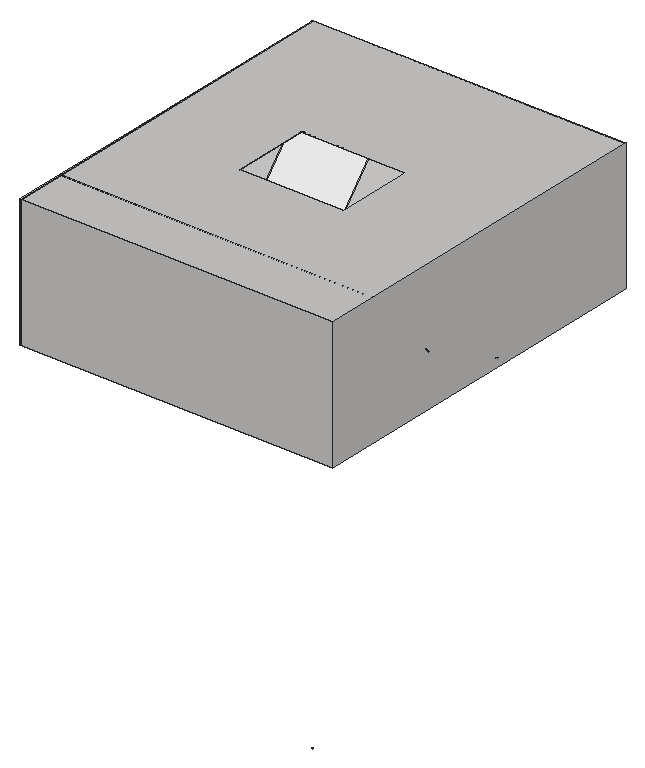
Revit family "QF_ELECTROLUXPROFESSIONAL_642030_EC1412T", category Specialty Equipment, Revit 2014
Reference planes
  plane 1: z = 0
  plane 2 "Center (Left/Right)": x = 150
  plane 3 "LEFT": x = -450
  plane 4 "RIGHT": x = 750
  plane 5 "BACK": y = 550
  plane 6 "TOP": z = 2500
  plane 7 "Base": z = 2000
  plane 8: z = 1946
  plane 9: x = -447
  plane 10 "DrainX": x = 599
  plane 11 "AOLeft2": x = 350
  plane 12: x = 747
  plane 13: x = -250
  plane 14: x = 550
  plane 15: x = 50
  plane 16: x = 250
  plane 17 "AOLeft1": x = -50
  plane 18: y = 0
  plane 19: y = -300
  plane 20: y = -150
  plane 21: y = -850
  plane 22: through (0, 260.354, 2382.279) normal (0, 0.766, -0.6428)
  plane 23: through (0, -560.351, 2382.279) normal (0, -0.766, -0.6428)
  plane 24: through (0, 272.154, 2402.468) normal (0, -0.753, 0.6581)
  plane 25: through (0, -572.152, 2402.468) normal (0, -0.753, -0.6581)
Forms (mm)
  Extrusion 1, solid, material "QF_Finishes_Stainless Steel"
    sketch origin (-450, 0, 360) x (0, 1, 0) y (0, 0, 1)
      loop
        line (550, 1640) -> (550, 2140) -> (-850, 2140) -> (-850, 1640) -> (550, 1640)
    from 0 to 3
  Extrusion 2, solid, material "QF_Finishes_Stainless Steel"
    sketch origin (750, 0, 360) x (0, 1, 0) y (0, 0, 1)
      loop
        line (550, 1640) -> (550, 2140) -> (-850, 2140) -> (-850, 1640) -> (550, 1640)
    from 0 to -3
  Extrusion 3, solid, material "QF_Finishes_Stainless Steel"
    sketch origin (150, 0, 360) x (0, 1, 0) y (0, 0, 1)
      loop
        line (-850, 2140) -> (-850, 1640) -> (-840, 1640) -> (-840, 1640.8) -> (-849.2, 1640.8) -> (-849.2, 2139.19) -> (549.2, 2139.19) -> (549.2, 1640.8) -> (540, 1640.8) -> (540, 1640) -> (550, 1640) -> (550, 2140) -> (-850, 2140)
    from -600 to 600
  Extrusion 4, solid, material "QF_Finishes_Stainless Steel"
    sketch origin (0, -600, 2000) x (0, 1, 0) y (-1, 0, 0)
      loop
        circle (450, -599) r 6.35
    from -3.799 to 0
  Extrusion 5, void
    sketch origin (0, 400, 2500) x (0, 1, 0) y (-1, 0, 0)
      loop
        line (-400, -350) -> (-400, 50) -> (-700, 50) -> (-700, -350) -> (-400, -350)
    from 0 to -10
  Extrusion 6, solid, material "QF_Finishes_Stainless Steel"
    sketch origin (0, 0, 0) x (1, 0, 0) y (0, 1, 0)
      loop
        line (-450, 550) -> (-450, 549) -> (-449, 549) -> (-449, 550) -> (-450, 550)
    from 0 to 1
  Extrusion 7, solid, material "QF_Finishes_Stainless Steel"
    sketch origin (150, 0, 360) x (0, 1, 0) y (0, 0, 1)
      loop
        line (-79.471, 1685.734) -> (-56.882, 1665.992) -> (272.154, 2042.468) -> (249.566, 2062.21) -> (-79.471, 1685.734)
      loop
        line (-572.152, 2042.468) -> (-243.115, 1665.992) -> (-220.526, 1685.734) -> (-549.563, 2062.21) -> (-572.152, 2042.468)
    from -400 to -597
  Extrusion 8, solid, material "QF_Finishes_Stainless Steel"
    sketch origin (150, 0, 360) x (0, 1, 0) y (0, 0, 1)
      loop
        line (260.354, 2022.279) -> (358.454, 2139.19) -> (357.41, 2139.19) -> (266.169, 2030.453) -> (264.331, 2031.996) -> (257.903, 2024.336) -> (260.354, 2022.279)
      loop
        line (-39.202, 1672.761) -> (-56.017, 1663.363) -> (-81.407, 1685.429) -> (-81.974, 1684.862) -> (-54.914, 1661.345) -> (-90.242, 1641.601) -> (-209.758, 1641.601) -> (-245.086, 1661.345) -> (-218.026, 1684.862) -> (-218.593, 1685.429) -> (-243.983, 1663.363) -> (-260.798, 1672.761) -> (-262.311, 1670.055) -> (-209.966, 1640.801) -> (-90.034, 1640.801) -> (-37.689, 1670.055) -> (-39.202, 1672.761)
      loop
        line (-560.354, 2022.279) -> (-557.903, 2024.336) -> (-564.331, 2031.996) -> (-566.169, 2030.453) -> (-657.41, 2139.19) -> (-658.454, 2139.19) -> (-560.354, 2022.279)
    from -597 to 597
  Extrusion 9, solid, material "QF_Finishes_Stainless Steel"
    sketch origin (150, 0, 360) x (0, 1, 0) y (0, 0, 1)
      loop
        line (272.154, 2042.468) -> (249.566, 2062.21) -> (-79.471, 1685.734) -> (-56.882, 1665.992) -> (272.154, 2042.468)
      loop
        line (-572.154, 2042.468) -> (-243.118, 1665.992) -> (-220.529, 1685.734) -> (-549.566, 2062.21) -> (-572.154, 2042.468)
    from 597 to 400
  Extrusion 10, solid, material "QF_Finishes_Stainless Steel"
    sketch origin (150, 0, 360) x (0, 1, 0) y (0, 0, 1)
      loop
        line (272.154, 2042.468) -> (249.566, 2062.21) -> (-79.471, 1685.734) -> (-56.882, 1665.992) -> (272.154, 2042.468)
      loop
        line (-572.154, 2042.468) -> (-243.118, 1665.992) -> (-220.529, 1685.734) -> (-549.566, 2062.21) -> (-572.154, 2042.468)
    from -100 to 100
  Extrusion 11, solid, material "QF_Finished_Chrome"
    sketch origin (150, 0, 360) x (0, 1, 0) y (0, 0, 1)
      loop
        line (249.566, 2062.21) -> (-79.471, 1685.734) -> (-56.882, 1665.992) -> (272.154, 2042.468) -> (249.566, 2062.21)
      loop
        line (-549.566, 2062.21) -> (-572.154, 2042.468) -> (-243.118, 1665.992) -> (-220.529, 1685.734) -> (-549.566, 2062.21)
    from -400 to -100
  Extrusion 12, solid, material "QF_Finished_Chrome"
    sketch origin (150, 0, 360) x (0, 1, 0) y (0, 0, 1)
      loop
        line (272.154, 2042.468) -> (249.566, 2062.21) -> (-79.471, 1685.734) -> (-56.882, 1665.992) -> (272.154, 2042.468)
      loop
        line (-572.154, 2042.468) -> (-243.118, 1665.992) -> (-220.529, 1685.734) -> (-549.566, 2062.21) -> (-572.154, 2042.468)
    from 100 to 400
  Sweep 13, solid, material "QF_Finishes_Stainless Steel"
    path origin (0, 0, 0) x (1, 0, 0) y (0, 1, 0)
      loop
        line (750, 550) -> (-450, 550) -> (-450, -850) -> (750, -850) -> (750, 550)
    profile origin (750, -150, 0) x (1, 0, 0) y (0, 0, 1)
      loop
        line (-3, 2000) -> (-3, 2000.8) -> (-19, 2000.8) -> (-19, 2010) -> (-20, 2010) -> (-20, 2000) -> (-3, 2000)
  Extrusion 14, solid, material "QF_Finishes_Stainless Steel"
    sketch origin (599, 0, 0) x (0, 1, 0) y (0, 0, 1)
      loop
        arc (-105.855, 1994.063) -> (-104.106, 1996.894) -> (-100.969, 1998.001) r 5
        line (-100.969, 1998.001) -> (-94.999, 1998.001) -> (-94.999, 2000.8) -> (-204.999, 2000.8) -> (-204.999, 1998.001) -> (-199.028, 1998.001)
        arc (-199.028, 1998.001) -> (-195.891, 1996.894) -> (-194.142, 1994.063) r 5
        line (-194.142, 1994.063) -> (-187.139, 1955.845)
        arc (-187.139, 1955.845) -> (-182.768, 1948.768) -> (-174.924, 1946) r 12.5
        line (-174.924, 1946) -> (-125.073, 1946)
        arc (-125.073, 1946) -> (-117.229, 1948.768) -> (-112.859, 1955.845) r 12.5
        line (-112.859, 1955.845) -> (-105.855, 1994.063)
    from -90 to 90
Cuts and joins
  Extrusion 5 cuts Extrusion 3
  joined: Extrusion 2, Extrusion 3, Sweep 13
Lines and regions (mm)
  symbolic lines, style "SpecialityEquipment", detail levels coarse
    curve 1: line (750, 550, 2500) -> (-450, 550, 2500)
    curve 2: line (-450, 550, 2500) -> (-450, -850, 2500)
    curve 3: line (750, -850, 2500) -> (750, 550, 2500)
    curve 4: line (-450, 550, 0) -> (750, -850, 0)
    curve 5: line (750, 550, 0) -> (-450, -850, 0)
  symbolic lines, detail levels coarse
    curve 6: line (-450, -850, 0) -> (750, -850, 0)
    curve 7: line (350, 0, 0) -> (-50, 0, 0)
    curve 8: line (350, -300, 0) -> (350, 0, 0)
    curve 9: line (-50, -300, 0) -> (350, -300, 0)
    curve 10: line (-50, 0, 0) -> (-50, -300, 0)
Dimensions and locks
  plane 3 "LEFT" to plane 4 "RIGHT" = 1200 mm
  equal spacing: plane 3 "LEFT", plane 2 "Center (Left/Right)", plane 4 "RIGHT"
  plane 3 "LEFT" to plane 9 = 3 mm
  plane 10 "DrainX" to plane 4 "RIGHT" = 151 mm
  plane 12 to plane 4 "RIGHT" = 3 mm
  plane 3 "LEFT" to plane 13 = 200 mm
  plane 14 to plane 4 "RIGHT" = 200 mm
  locked: plane 7 "Base" to level at 2000
  locked: plane 6 "TOP" to plane 7 "Base" at 500
  locked: plane 15 to plane 16 at 200
  equal spacing: plane 15, plane 2 "Center (Left/Right)", plane 16
  plane 5 "BACK" to plane 21 = 1400 mm  (x2)
  equal spacing: plane 5 "BACK", plane 20, plane 21
  locked: plane 18 to plane 19 at 300
  equal spacing: plane 18, plane 20, plane 19
  plane 7 "Base" to plane 8 = 54 mm
  equal spacing: plane 17 "AOLeft1", plane 2 "Center (Left/Right)", plane 11 "AOLeft2"
  locked: plane 17 "AOLeft1" to plane 11 "AOLeft2" at 400
  aligned and locked: level to plane 1
  aligned and locked: plane 4 "RIGHT" to Extrusion 3
  aligned and locked: Extrusion 3 to plane 3 "LEFT"
  aligned and locked: Extrusion 7 to plane 9
  aligned and locked: Extrusion 7 to plane 13
  aligned and locked: Extrusion 2 to plane 12
  aligned and locked: plane 12 to Extrusion 9
  aligned and locked: plane 14 to Extrusion 9
  aligned and locked: plane 16 to Extrusion 10
  aligned and locked: Extrusion 10 to plane 15
  aligned and locked: plane 15 to Extrusion 11
  aligned and locked: Extrusion 11 to plane 13
  aligned and locked: Extrusion 12 to plane 16
  aligned and locked: Extrusion 12 to plane 14
  aligned and locked: Extrusion 8 to plane 9
  aligned and locked: plane 12 to Extrusion 8
  aligned and locked: Extrusion 5 to plane 17 "AOLeft1"
  aligned and locked: Extrusion 5 to plane 11 "AOLeft2"
  aligned and locked: plane 18 to curve 7
  aligned and locked: curve 9 to plane 19
  aligned and locked: plane 18 to Extrusion 5 sketch curve
  aligned and locked: Extrusion 5 sketch curve to plane 19
Automatic sketch dimensions
  Extrusion 1 sketch curve to plane 7 "Base" = 0 mm
  Extrusion 1 sketch curve to plane 5 "BACK" = 0 mm
  Extrusion 1 sketch curve to plane 6 "TOP" = 0 mm
  Extrusion 2 sketch curve to plane 7 "Base" = 0 mm
  Extrusion 2 sketch curve to plane 5 "BACK" = 0 mm
  Extrusion 2 sketch curve to plane 6 "TOP" = 0 mm
  Extrusion 3 sketch curve to plane 6 "TOP" = 0 mm
  Extrusion 3 sketch curve to plane 7 "Base" = 0 mm  (x2)
  Extrusion 3 sketch curve to plane 5 "BACK" = 0 mm
  Extrusion 3 sketch curve to Extrusion 3 sketch curve = 9.2 mm
  plane 7 "Base" to Extrusion 3 sketch curve = 0.8 mm  (x2)
  Extrusion 3 sketch curve to plane 5 "BACK" = 10 mm
  Extrusion 3 sketch curve to plane 5 "BACK" = 0.8 mm
  Extrusion 3 sketch curve to plane 6 "TOP" = 0.81 mm
  Extrusion 4 sketch curve to plane 10 "DrainX" = 0 mm
  Extrusion 5 sketch curve to plane 11 "AOLeft2" = 0 mm
  Extrusion 5 sketch curve to plane 17 "AOLeft1" = 0 mm
  Extrusion 6 sketch curve to plane 3 "LEFT" = 0 mm
  Extrusion 6 sketch curve to plane 5 "BACK" = 0 mm
  plane 3 "LEFT" to Extrusion 6 sketch curve = 1 mm
  Extrusion 6 sketch curve to Extrusion 6 sketch curve = 1 mm
  Sweep 13 sketch curve to plane 3 "LEFT" = 0 mm
  Sweep 13 sketch curve to plane 4 "RIGHT" = 0 mm
  Sweep 13 sketch curve to plane 5 "BACK" = 0 mm
  profile plane to Sweep 13 sketch curve = 20 mm
  Sweep 13 sketch curve to Sweep 13 sketch curve = 1 mm
  profile plane to Sweep 13 sketch curve = 3 mm
  level to Sweep 13 sketch curve = 2000 mm
  Sweep 13 sketch curve to Sweep 13 sketch curve = 0.8 mm
  Sweep 13 sketch curve to Sweep 13 sketch curve = 9.2 mm
  Extrusion 1 sketch curve to plane 19 = 550 mm
  Extrusion 2 sketch curve to plane 19 = 550 mm
  Extrusion 3 sketch curve to plane 19 = 540 mm
  Extrusion 3 sketch curve to Extrusion 3 sketch curve = 0.8 mm
  Sweep 13 sketch curve to plane 19 = 550 mm
  curve 5 to plane 3 "LEFT" = 0 mm
  curve 4 to plane 3 "LEFT" = 0 mm
  curve 10 to plane 17 "AOLeft1" = 0 mm
  curve 8 to plane 11 "AOLeft2" = 0 mm
  curve 5 to plane 4 "RIGHT" = 0 mm
  curve 6 to plane 4 "RIGHT" = 0 mm
  curve 4 to plane 5 "BACK" = 0 mm
  curve 5 to plane 5 "BACK" = 0 mm
  curve 6 to plane 21 = 0 mm
  Extrusion 7 sketch curve to plane 24 = 0 mm  (x2)
  Extrusion 7 sketch curve to plane 6 "TOP" = 77.79 mm  (x2)
  plane 7 "Base" to Extrusion 7 sketch curve = 25.992 mm  (x2)
  plane 7 "Base" to Extrusion 7 sketch curve = 45.734 mm
  Extrusion 7 sketch curve to plane 25 = 0 mm
  plane 25 to Extrusion 7 sketch curve = 0 mm
  Extrusion 7 sketch curve to plane 20 = 70.526 mm
  Extrusion 11 sketch curve to plane 24 = 0 mm  (x2)
  Extrusion 11 sketch curve to plane 19 = 272.154 mm
  Extrusion 11 sketch curve to plane 6 "TOP" = 77.79 mm  (x2)
  Extrusion 11 sketch curve to Extrusion 11 sketch curve = 22.589 mm
  plane 7 "Base" to Extrusion 11 sketch curve = 25.992 mm  (x2)
  plane 19 to Extrusion 11 sketch curve = 56.882 mm
  plane 20 to Extrusion 11 sketch curve = 70.529 mm
  Extrusion 10 sketch curve to plane 24 = 0 mm  (x2)
  Extrusion 10 sketch curve to plane 19 = 272.154 mm
  Extrusion 10 sketch curve to plane 6 "TOP" = 77.79 mm  (x2)
  Extrusion 10 sketch curve to Extrusion 10 sketch curve = 22.589 mm
  plane 7 "Base" to Extrusion 10 sketch curve = 25.992 mm  (x2)
  plane 19 to Extrusion 10 sketch curve = 56.882 mm
  plane 20 to Extrusion 10 sketch curve = 70.529 mm
  Extrusion 12 sketch curve to plane 24 = 0 mm  (x2)
  Extrusion 12 sketch curve to plane 19 = 272.154 mm
  Extrusion 12 sketch curve to plane 6 "TOP" = 77.79 mm  (x2)
  Extrusion 12 sketch curve to Extrusion 12 sketch curve = 22.589 mm
  plane 7 "Base" to Extrusion 12 sketch curve = 25.992 mm  (x2)
  plane 19 to Extrusion 12 sketch curve = 56.882 mm
  plane 20 to Extrusion 12 sketch curve = 70.529 mm
  Extrusion 9 sketch curve to plane 24 = 0 mm  (x2)
  Extrusion 9 sketch curve to plane 19 = 272.154 mm
  Extrusion 9 sketch curve to plane 6 "TOP" = 77.79 mm  (x2)
  Extrusion 9 sketch curve to Extrusion 9 sketch curve = 22.589 mm
  plane 7 "Base" to Extrusion 9 sketch curve = 25.992 mm  (x2)
  plane 19 to Extrusion 9 sketch curve = 56.882 mm
  plane 20 to Extrusion 9 sketch curve = 70.529 mm
  Extrusion 4 sketch curve to plane 20 = 0 mm
  plane 7 "Base" to Extrusion 14 sketch curve = 0.8 mm
  Extrusion 14 sketch curve to plane 20 = 54.999 mm
  Extrusion 14 sketch curve to Extrusion 14 sketch curve = 5.97 mm  (x2)
  Extrusion 14 sketch curve to Extrusion 14 sketch curve = 4.886 mm  (x2)
  plane 8 to Extrusion 14 sketch curve = 9.845 mm  (x2)
  Extrusion 14 sketch curve to Extrusion 14 sketch curve = 7.004 mm  (x2)
  plane 8 to Extrusion 14 sketch curve = 12.5 mm
  Extrusion 14 sketch curve to Extrusion 14 sketch curve = 12.215 mm  (x2)
  plane 20 to Extrusion 14 sketch curve = 24.927 mm
  Extrusion 14 sketch curve to plane 7 "Base" = 5.937 mm
  Extrusion 14 sketch curve to plane 7 "Base" = 1.999 mm  (x2)
  Extrusion 14 sketch curve to Extrusion 14 sketch curve = 1.062 mm
  plane 22 to Extrusion 8 sketch curve = 0 mm  (x2)
  Extrusion 8 sketch curve to plane 6 "TOP" = 0.81 mm  (x2)
  plane 21 to Extrusion 8 sketch curve = 191.546 mm
  Extrusion 8 sketch curve to Extrusion 8 sketch curve = 1.044 mm
  Extrusion 8 sketch curve to plane 6 "TOP" = 109.547 mm  (x2)
  Extrusion 8 sketch curve to Extrusion 8 sketch curve = 91.241 mm
  Extrusion 8 sketch curve to plane 6 "TOP" = 108.004 mm  (x2)
  Extrusion 8 sketch curve to plane 6 "TOP" = 117.721 mm
  plane 19 to Extrusion 8 sketch curve = 37.689 mm
  plane 7 "Base" to Extrusion 8 sketch curve = 32.761 mm
  Extrusion 8 sketch curve to Extrusion 8 sketch curve = 1.512 mm
  plane 7 "Base" to Extrusion 8 sketch curve = 21.345 mm  (x2)
  Extrusion 8 sketch curve to Extrusion 8 sketch curve = 17.225 mm
  plane 7 "Base" to Extrusion 8 sketch curve = 23.363 mm  (x2)
  Extrusion 8 sketch curve to Extrusion 8 sketch curve = 1.103 mm  (x2)
  Extrusion 8 sketch curve to Extrusion 8 sketch curve = 25.389 mm  (x2)
  Extrusion 8 sketch curve to Extrusion 8 sketch curve = 0.567 mm  (x4)
  plane 7 "Base" to Extrusion 8 sketch curve = 0.801 mm
  plane 7 "Base" to Extrusion 8 sketch curve = 1.601 mm
  plane 20 to Extrusion 8 sketch curve = 59.758 mm
  Extrusion 8 sketch curve to Extrusion 8 sketch curve = 0.208 mm  (x2)
  Extrusion 8 sketch curve to Extrusion 8 sketch curve = 8.268 mm
  Extrusion 8 sketch curve to Extrusion 8 sketch curve = 16.816 mm
  plane 7 "Base" to Extrusion 8 sketch curve = 30.055 mm
  Extrusion 8 sketch curve to plane 6 "TOP" = 115.664 mm
  plane 18 to Extrusion 8 sketch curve = 257.903 mm
  Extrusion 8 sketch curve to Extrusion 8 sketch curve = 21.498 mm  (x2)
  curve 2 to plane 3 "LEFT" = 0 mm
  curve 2 to plane 21 = 0 mm
  curve 3 to plane 4 "RIGHT" = 0 mm
  curve 3 to plane 21 = 0 mm
  curve 2 to plane 5 "BACK" = 0 mm
  radius of Extrusion 4 sketch curve = 6.35 mm
Connectors
  piping at (599, -150, 1996.201), diameter 12.7
    settings: on Extrusion 4, index 1, connector inside diameter 609.6 mm, connector length 0 mm, flow factor 0, pipe flow 0.0 L/s, pressure drop 0.0 Pa, fitting loss kfactor 0, connector angle 0.00°, fixture units 0, engagement length 0 mm, angle of deflection 0.00°, flow configuration 1, flow direction 2, fitting loss method 0, system type 16, joint type 0, gender type 0, connector reference index -1, connector utility 0, adjustable connector no, is connector primary yes, connector description "Drain"
  hvac at (150, -150, 2500)
    settings: on Extrusion 5, index 2, duct flow 0.0 L/s, flow factor 0, pres drop 0.0 Pa, loss coef 0, conn angle 0.00°, conn width 300 mm, conn height 400 mm, conn diameter 609.6 mm, duct sys type 3, conn prof type 1, flow config 1, flow direction 2, loss method 0, conn ref index -1, conn util no, is conn primary yes, conn desc "EXHAUST OUTLET"
